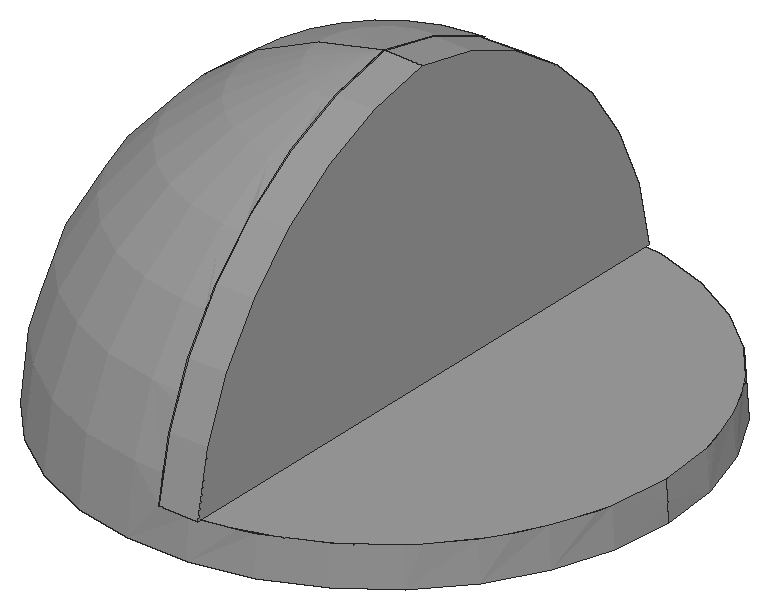
Revit family "DDS-SS-017", category Specialty Equipment, Revit 2012
Parameters
  Type Comments = "DORMA DDH-SS-020"
  Model = "DDH-SS-020"
  Manufacturer = "DORMA"
  Description = "DORMA DDH-SS-020"
Reference planes
  plane 1 "Center (Front/Back)": y = 0
  plane 2: z = 0
  plane 3 "Center (Left/Right)": x = 0
Forms (mm)
  Revolve 1, solid, material "Matt chrome"
    sketch origin (0, 0, 0) x (1, 0, 0) y (0, 0, 1)
      loop
        line (0, 0) -> (0, 25)
        arc (0, 25) -> (-15.717, 16.651) -> (-22, 0) r 25.205
        line (-22, 0) -> (0, 0)
      axis (0, 25) -> (0, 0)
    angle from 0 to 360
  Extrusion 2, void
    sketch origin (0, 0, 3) x (1, 0, 0) y (0, 1, 0)
      loop
        line (0, 31.349) -> (0, -29.895) -> (30, -29.895) -> (30, 31.349) -> (0, 31.349)
    from 0 to 27
  Sweep 3, solid, material "Default"
    path origin (0, 0, 0) x (1, 0, 0) y (0, 1, 0)
      loop
        line (0, 0) -> (3, 0)
    profile origin (1.5, 0, 0) x (0, 1, 0) y (0, 0, 1)
      loop
        line (-21.821, 3) -> (21.821, 3)
        arc (21.821, 3) -> (14.69, 17.749) -> (0, 25) r 25.205
        arc (0, 25) -> (-14.69, 17.749) -> (-21.821, 3) r 25.205
Cuts and joins
  Extrusion 2 cuts Revolve 1
Dimensions and locks
  aligned and locked: level to plane 2
